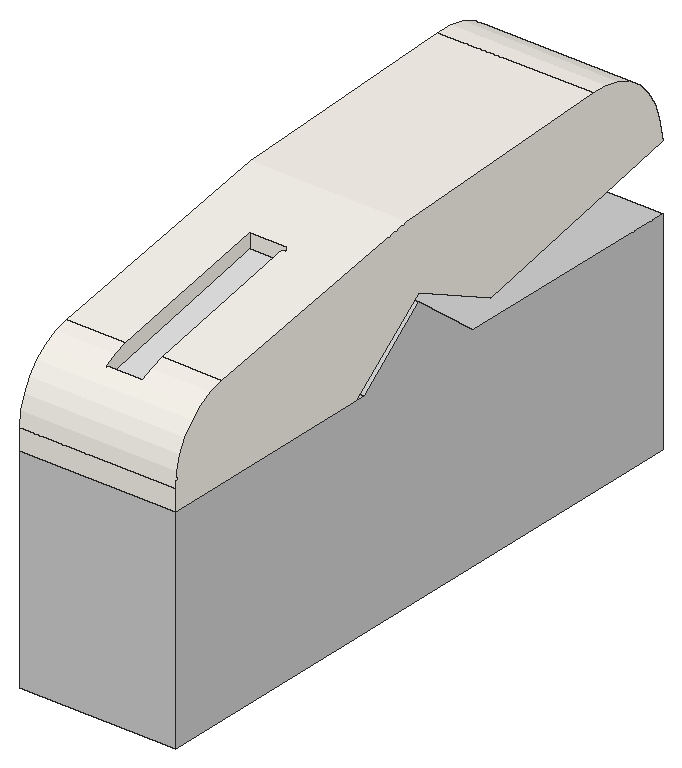
Revit family "Domotics-DomesticRanges-GEWISS-CHORUS_COMMAND-PUSH-BUTTON_05M", category Apparecchi elettrici, host Superficie, Revit 2016
Family settings
  Host = Superficie
  Mantenere orientamento annotazione = Sì
  Tipo di parte = Normale
  Quota connettore circolare = Usa diametro
  Numero OmniClass = 23.80.50.11.14
  Titolo OmniClass = Switches
  Taglio con vuoti quando caricato = Sì
  Condiviso = Sì
  Punto di calcolo locali = Sì
Parameters (values of type "GW14162 - Titanium - Illuminable")
  Wiring terminals = "With screw"
  Voltage: = "250 V ac"
  Voltage = "250 V ac"
  Vista di pianta [instance] = yes
  Version file RFA = "19.0"
  URL = "https://www.gewiss.com/ww/en"
  Type = "Backlit"
  Tipo_ = CHORUS PULSANTI 05M_BASE : GW14162 - Titanio - Illuminabile localizzazione
  Thermo-pressure with ball = "125 °C"
  Terminal tightening capacity rigid cables (mm2) = "min. 0,5 - max. 2x2,5"
  Terminal tightening capacity flexible cables (mm2) = "min. 0,75 - max. 2x4"
  Terminal grip on cable traction = "> 50 N"
  Technical sheet = "https://www.gewiss.com/ww/en/search?q=GW14162"
  Standard; = "EN 60669-1"
  Simbolo_ = SIMBOLO PULSANTI : LUM
  SIMBOLO [instance] = yes
  SEO = "Push button"
  Resistance at test voltage = "2000 V at 50 Hz for 1 minute"
  Realized by GEWISS S.p.A. = ""
  Prolonged operation (no.of position changes) = "40.000 at In 250 V ac cosØ=0,6"
  Produttore = "GEWISS S.p.A."
  Offset pulsante [instance] = 0 mm
  Offset bidimensionale [instance] = 2 mm
  Number of poles = "1P"
  No. Chorus modules = "1/2"
  Modello = "GW14162"
  Larghezza pulsante = 11.5 mm
  Insulation resistance = "> 5 MOhm"
  IFC.TypeObject = ""
  IFC.ExportType = ""
  IFC.ExportAs = ""
  IDT = "7b9cd6d0-4acf-4a4b-bc88-5334f44e4e2c"
  IDF = "75a35bb3-8328-4b3e-a169-8ecd7cf75c9a"
  Glow Wire Test = "850°C"
  Electrocod = "0130"
  EAN code = "8011564266025"
  Distanza_x [instance] = 0 mm
  Distanza_effettiva_x [instance] = 1500 mm - Distanza_x  # 1500 mm
  Default Elevation = 1219.2 mm
  Immagine tipo = GW14162.jpg
  Descrizione = "P-BUTTON 1/2M 1P NO 10A ILL LOC TITANIUM"
  Description: = "1P NO - 10A illuminable"
  Colour = "Titanium"
  Category = "Push-button"
  Catalogue Range = "CHORUS - DOMESTIC RANGE"
  Catalogue = "DOMOTICS"
  COBie.Tagnumber = ""
  COBie.CreatedOn = ""
  COBie.CreatebBy = ""
  COBie.ComponentRegisterItemID = ""
  COBie.Component.TagNumber = ""
  COBie.Component.Space = ""
  COBie.Component.SerialNumber = ""
  COBie.Component.InstallationDate = ""
  COBie.Component.Description = ""
  COBie.Component.BarCode = ""
  Button key = "With diffuser"
  Breaking capacity: = "1.25 In (200 position changes)"
  Bidimensionale = bidimensionale pulsanti 05 : GW10162
Types (6, lengths in mm): name | Type | Tipo_ | Technical sheet | Simbolo_ | Modello | IDT | EAN code | Immagine tipo | Descrizione | Description: | Colour | Button key | Bidimensionale
  GW10161 - White | "General" | CHORUS PULSANTI 05M_BASE : GW10161 - Bianco | "https://www.gewiss.com/ww/en/search?q=GW10161" | SIMBOLO PULSANTI : PULSANTE | "GW10161" | "2aa1f815-4ac2-4735-9d31-de62fdb5c496" | "8011564261020" | GW10161.jpg | "PUSH-BUTTON, 1/2M 1P NO 10A WHITE" | "1P NO - 10A" | "White" | "Neutral" | bidimensionale pulsanti 05 : GW10161
  GW10162 - White - Illuminable | "Backlit" | CHORUS PULSANTI 05M_BASE : GW10162 - Bianco - Illuminabile localizzazione | "https://www.gewiss.com/ww/en/search?q=GW10162" | SIMBOLO PULSANTI : LUM | "GW10162" | "2806a8dd-8cac-4709-bb0c-63986007d292" | "8011564261037" | GW10162.jpg | "PUSH-BUTTON 1/2M 1P NO 10A ILL LOC WHITE" | "1P NO - 10A illuminable" | "White" | "With diffuser" | bidimensionale pulsanti 05 : GW10162
  GW12161 - Black | "General" | CHORUS PULSANTI 05M_BASE : GW12161 - Nero | "https://www.gewiss.com/ww/en/search?q=GW12161" | SIMBOLO PULSANTI : PULSANTE | "GW12161" | "dd6f0b96-4a20-4856-8b9a-60c63957de92" | "8011564269415" | GW12161.jpg | "PUSH-BUTTON 1/2M 1P NO 10A BLACK" | "1P NO - 10A" | "Black" | "Neutral" | bidimensionale pulsanti 05 : GW10161
  GW12162 - Black - Illuminable | "Backlit" | CHORUS PULSANTI 05M_BASE : GW12162 - Nero - Illuminabile localizzazione | "https://www.gewiss.com/ww/en/search?q=GW12162" | SIMBOLO PULSANTI : LUM | "GW12162" | "7c9e7928-b857-41a9-9696-8e438eda7a62" | "8011564269422" | GW12162.jpg | "PUSH-BUTTON 1/2M 1P NO 10A ILL LOC BLACK" | "1P NO - 10A illuminable" | "Black" | "With diffuser" | bidimensionale pulsanti 05 : GW10162
  GW14161 - Titanium | "General" | CHORUS PULSANTI 05M_BASE : GW14161 - Titanio | "https://www.gewiss.com/ww/en/search?q=GW14161" | SIMBOLO PULSANTI : PULSANTE | "GW14161" | "1965e42e-04d6-4940-880f-44167e4a9221" | "8011564266018" | GW14161.jpg | "PUSH-BUTTON 1/2M 1P NO 10A TITANIUM" | "1P NO - 10A" | "Titanium" | "Neutral" | bidimensionale pulsanti 05 : GW10161
  GW14162 - Titanium - Illuminable | "Backlit" | CHORUS PULSANTI 05M_BASE : GW14162 - Titanio - Illuminabile localizzazione | "https://www.gewiss.com/ww/en/search?q=GW14162" | SIMBOLO PULSANTI : LUM | "GW14162" | "7b9cd6d0-4acf-4a4b-bc88-5334f44e4e2c" | "8011564266025" | GW14162.jpg | "P-BUTTON 1/2M 1P NO 10A ILL LOC TITANIUM" | "1P NO - 10A illuminable" | "Titanium" | "With diffuser" | bidimensionale pulsanti 05 : GW10162
Reference planes
  plane 1 "Centro (Fronte/Retro)": y = 0
  plane 2: z = 0
  plane 3 "Centro (Sinistra/Destra)": x = 0
  plane 4: z = 0
  plane 5: x = 0
  plane 6: x = -5.75
  plane 7: x = 5.75
  plane 8: z = 26
  plane 9: x = -1500
  plane 10: z = 28
Lines and regions (mm)
  Masking region 1, visible <- "Vista di pianta"
    outline origin (0, 0, 0) x (1, 0, 0) y (0, 0, 1)
      loop
        line (-5.75, 26) -> (-5.75, 0) -> (5.75, 0) -> (5.75, 26) -> (-5.75, 26)
Dimensions and locks
  "Offset pulsante": plane 4 to host face
  "Distanza_x": plane 5 to plane 3 "Centro (Sinistra/Destra)"
  equal spacing: plane 6, plane 3 "Centro (Sinistra/Destra)", plane 7
  "Larghezza pulsante": plane 6 to plane 7
  locked: plane 8 to plane 4 at 26
  "Distanza_effettiva_x": plane 9 to plane 5
  plane 9 to plane 3 "Centro (Sinistra/Destra)" = 1500 mm
  "Offset bidimensionale": plane 10 to plane 8
  aligned and locked: plane 2 to host face
  aligned and locked: level to host face
  aligned and locked: plane 3 "Centro (Sinistra/Destra)" to nested 2
  aligned and locked: Masking region 1 sketch curve to plane 8
  aligned and locked: plane 6 to Masking region 1 sketch curve
  aligned and locked: plane 4 to Masking region 1 sketch curve
  aligned and locked: Masking region 1 sketch curve to nested 1
  aligned and locked: plane 10 to nested 2  (x2)
  aligned and locked: nested 2 to plane 10  (x2)
Automatic sketch dimensions
  host sketch curve to host sketch curve = 2438.4 mm  (x2)
Nested families
  nested 1: "CHORUS PULSANTI 05M_BASE" at (0, 0, 0), type <- "Tipo_", type "GW14162 - Titanio - Illuminabile localizzazione"
  nested 2: "bidimensionale pulsanti 05" at (0, 0, 28), type <- "Bidimensionale", type "GW10162", detail levels coarse
  nested 3: "SIMBOLO PULSANTI" at (0, 282.482, 0), type <- "Simbolo_", SIMBOLO <- "SIMBOLO", type "LUM"
    with TESTO ELETTRICO "", SIMBOLO yes, Distanza dal muro 1 mm, BORDO ACCESO yes
Connectors
  electrical at (0, 0, 0)
    settings: on nested 1, index 1, voltage 0 V, apparent load 0 VA, apparent load phase1 0 VA, apparent load phase2 0 VA, apparent load phase3 0 VA, power factor 1, load classification "Other", number of poles 1, system type 31, power factor state 1, is connector primary yes, connector utility no, sub classification motor no, connector description ""
Definition of nested family "CHORUS PULSANTI 05M_BASE"
  Parameters (values of type "GW14162 - Titanio - Illuminabile localizzazione")
    Vetrino = none
    Supporto = none
    Pulsante = none
    Profondità suporto = 15.673 mm
    Larghezza pulsante = 11.5 mm
    GW10162 = yes
    GW10161 = no
    Bidimensionale = 36.414 mm
    Altezza pulsante = 45 mm
  Types (6, lengths in mm): name | GW10162 | GW10161
    GW12161 - Nero | no | yes
    GW14161 - Titanio | no | yes
    GW10161 - Bianco | no | yes
    GW10162 - Bianco - Illuminabile localizzazione | yes | no
    GW12162 - Nero - Illuminabile localizzazione | yes | no
    GW14162 - Titanio - Illuminabile localizzazione | yes | no
  Reference planes
    plane 1 "Centro (Fronte/Retro)": y = 0
    plane 2: z = 0
    plane 3 "Centro (Sinistra/Destra)": x = 0
    plane 4: y = -22.5
    plane 5: y = 22.5
    plane 6: x = -5.75
    plane 7: x = 5.75
    plane 8: z = 15.673
    plane 9 "PIANO BIDIMENSIONALE": z = 36.414
    plane 10: y = -20
    plane 11: y = -6.8
  Forms (mm)
    Extrusion 1, solid, material <- "Supporto", detail levels medium+fine
      sketch origin (0, 0, 0) x (0, 1, 0) y (0, 0, 1)
        loop
          line (-22.5, 0) -> (22.5, 0) -> (22.5, 15.673) -> (5, 15.673) -> (0, 19.673) -> (-5, 15.673) -> (-22.5, 15.673) -> (-22.5, 0)
      from -5.75 to 5.75
    Extrusion 2, solid, material <- "Pulsante", visible <- "GW10161", detail levels medium+fine
      sketch origin (0, 0, 0) x (0, 1, 0) y (0, 0, 1)
        loop
          line (-22.5, 15.673) -> (-5.8, 15.673) -> (0, 20.313) -> (6.657, 17.02) -> (22.519, 20.482) -> (22.148, 22.183)
          arc (22.148, 22.183) -> (19.948, 25.458) -> (16.125, 26.433) r 5.53
          arc (16.125, 26.433) -> (-1.159, 25.53) -> (-18.194, 22.47) r 137.99
          arc (-18.194, 22.47) -> (-21.286, 20.607) -> (-22.5, 17.207) r 5.368
          line (-22.5, 17.207) -> (-22.5, 15.673)
      from -5.75 to 5.75
    Extrusion 3, solid, material <- "Pulsante", visible <- "GW10162", detail levels medium+fine
      sketch origin (0, 0, 0) x (0, 1, 0) y (0, 0, 1)
        loop
          line (-22.5, 15.673) -> (-5.8, 15.673) -> (0, 20.313) -> (6.657, 17.02) -> (22.519, 20.482) -> (22.148, 22.183)
          arc (22.148, 22.183) -> (19.948, 25.458) -> (16.125, 26.433) r 5.53
          arc (16.125, 26.433) -> (-1.159, 25.53) -> (-18.194, 22.47) r 137.99
          arc (-18.194, 22.47) -> (-21.286, 20.607) -> (-22.5, 17.207) r 5.368
          line (-22.5, 17.207) -> (-22.5, 15.673)
      from -5.75 to 5.75
    Extrusion 4, void
      sketch origin (0, 0, 0) x (0, 1, 0) y (0, 0, 1)
        loop
          arc (-6.8, 24.76) -> (-12.521, 23.735) -> (-18.194, 22.47) r 137.99
          arc (-18.194, 22.47) -> (-19.13, 22.19) -> (-20, 21.745) r 5.368
          line (-20, 21.745) -> (-20, 19.947)
          arc (-20, 19.947) -> (-13.435, 21.505) -> (-6.8, 22.735) r 135.99
          line (-6.8, 22.735) -> (-6.8, 24.76)
      from -1.35 to 1.35
    Extrusion 5, solid, material <- "Vetrino", visible <- "GW10162", detail levels medium+fine
      sketch origin (0, 0, 0) x (0, 1, 0) y (0, 0, 1)
        loop
          arc (-20, 19.947) -> (-13.435, 21.505) -> (-6.8, 22.735) r 135.99
          line (-6.8, 22.735) -> (-6.8, 23.748)
          arc (-6.8, 23.748) -> (-13.434, 22.527) -> (-20, 20.98) r 136.99
          line (-20, 20.98) -> (-20, 19.947)
      from -1.35 to 1.35
  Cuts and joins
    Extrusion 4 cuts Extrusion 3
  Lines and regions (mm)
    Masking region 1, visible <- "GW10161"
      outline origin (0, 0, 36.414) x (-1, 0, 0) y (0, -1, 0)
        loop
          line (5.75, -22.519) -> (5.75, 22.5) -> (-5.75, 22.5) -> (-5.75, -22.519) -> (5.75, -22.519)
    Masking region 2, visible <- "GW10162"
      outline origin (0, 0, 36.414) x (-1, 0, 0) y (0, -1, 0)
        loop
          line (5.75, -22.519) -> (5.75, 22.5) -> (-5.75, 22.5) -> (-5.75, -22.519) -> (5.75, -22.519)
        loop
          line (1.35, 20) -> (-1.35, 20) -> (-1.35, 6.8) -> (1.35, 6.8) -> (1.35, 20)
    Masking region 3, visible <- "GW10162"
      outline origin (0, 0, 36.414) x (-1, 0, 0) y (0, -1, 0)
        loop
          line (1.35, 6.8) -> (1.35, 20) -> (-1.35, 20) -> (-1.35, 6.8) -> (1.35, 6.8)
  Dimensions and locks
    equal spacing: plane 4, plane 1 "Centro (Fronte/Retro)", plane 5
    plane 4 to plane 5 = 45 mm
    equal spacing: plane 6, plane 3 "Centro (Sinistra/Destra)", plane 7
    "Larghezza pulsante": plane 6 to plane 7
    equal spacing: plane 5, plane 1 "Centro (Fronte/Retro)", plane 4
    "Altezza pulsante": plane 5 to plane 4
    "Profondità suporto": plane 8 to plane 2
    "Bidimensionale": plane 9 "PIANO BIDIMENSIONALE" to level
    aligned and locked: level to plane 2
    aligned and locked: Extrusion 1 sketch curve to plane 4
    aligned and locked: plane 5 to Extrusion 1 sketch curve
    aligned and locked: Extrusion 1 sketch curve to plane 2
    aligned and locked: Extrusion 1 to plane 6
    aligned and locked: plane 7 to Extrusion 1
    aligned and locked: Extrusion 2 to plane 6
    aligned and locked: plane 7 to Extrusion 2
    aligned and locked: Masking region 1 sketch curve to Extrusion 2  (x3)
    aligned and locked: Masking region 1 sketch curve to Extrusion 1
  Automatic sketch dimensions
    plane 8 to Extrusion 1 sketch curve = 0 mm  (x2)
    Extrusion 1 sketch curve to plane 1 "Centro (Fronte/Retro)" = 0 mm
    Extrusion 1 sketch curve to plane 1 "Centro (Fronte/Retro)" = 5 mm
    Extrusion 1 sketch curve to plane 8 = 4 mm
    Extrusion 2 sketch curve to plane 4 = 0 mm
    plane 8 to Extrusion 2 sketch curve = 0 mm
    Extrusion 2 sketch curve to plane 1 "Centro (Fronte/Retro)" = 0 mm
    Extrusion 2 sketch curve to plane 8 = 1.535 mm
    Extrusion 2 sketch curve to plane 8 = 1.347 mm
    Extrusion 2 sketch curve to plane 1 "Centro (Fronte/Retro)" = 6.657 mm
    Extrusion 2 sketch curve to plane 5 = 7.827 mm
    Extrusion 2 sketch curve to plane 5 = 5.74 mm
    Extrusion 2 sketch curve to plane 5 = 0.352 mm
    plane 5 to Extrusion 2 sketch curve = 0.019 mm
    Extrusion 2 sketch curve to level = 111.549 mm
    Extrusion 2 sketch curve to plane 8 = 4.64 mm
    Extrusion 2 sketch curve to plane 8 = 4.81 mm
    Extrusion 2 sketch curve to Extrusion 2 sketch curve = 1.243 mm
    plane 1 "Centro (Fronte/Retro)" to Extrusion 1 sketch curve = 5 mm
    Extrusion 2 sketch curve to Extrusion 2 sketch curve = 5.368 mm
    plane 1 "Centro (Fronte/Retro)" to Extrusion 2 sketch curve = 5.8 mm
    plane 4 to Extrusion 2 sketch curve = 4.306 mm
    Extrusion 3 sketch curve to plane 4 = 0 mm
    plane 8 to Extrusion 3 sketch curve = 0 mm
    Extrusion 3 sketch curve to plane 1 "Centro (Fronte/Retro)" = 0 mm
    Extrusion 3 sketch curve to plane 8 = 1.535 mm
    Extrusion 3 sketch curve to Extrusion 3 sketch curve = 5.368 mm
    plane 1 "Centro (Fronte/Retro)" to Extrusion 3 sketch curve = 5.8 mm
    Extrusion 3 sketch curve to plane 8 = 1.347 mm
    Extrusion 3 sketch curve to plane 1 "Centro (Fronte/Retro)" = 6.657 mm
    Extrusion 3 sketch curve to plane 5 = 7.827 mm
    Extrusion 3 sketch curve to plane 5 = 5.74 mm
    Extrusion 3 sketch curve to plane 5 = 0.352 mm
    plane 5 to Extrusion 3 sketch curve = 0.019 mm
    Extrusion 3 sketch curve to level = 111.549 mm
    Extrusion 3 sketch curve to plane 8 = 4.64 mm
    Extrusion 3 sketch curve to plane 8 = 4.81 mm
    Extrusion 3 sketch curve to Extrusion 3 sketch curve = 1.243 mm
    plane 4 to Extrusion 3 sketch curve = 4.306 mm
    Extrusion 4 sketch curve to plane 10 = 0 mm
    Extrusion 4 sketch curve to plane 11 = 0 mm
    Extrusion 4 sketch curve to plane 8 = 1.535 mm
    Extrusion 4 sketch curve to plane 10 = 2.868 mm
    Extrusion 4 sketch curve to plane 10 = 1.806 mm
    Extrusion 4 sketch curve to Extrusion 4 sketch curve = 1.799 mm
    Extrusion 4 sketch curve to Extrusion 4 sketch curve = 2.025 mm
    Extrusion 4 sketch curve to plane 5 = 7.827 mm
    Extrusion 4 sketch curve to Extrusion 4 sketch curve = 0 mm  (x2)
    Extrusion 4 sketch curve to Extrusion 4 sketch curve = 2.739 mm
    Extrusion 5 sketch curve to plane 10 = 0 mm
    Extrusion 5 sketch curve to plane 5 = 7.827 mm
    Extrusion 5 sketch curve to plane 8 = 4.274 mm
    Extrusion 5 sketch curve to Extrusion 5 sketch curve = 1.034 mm
    Extrusion 5 sketch curve to Extrusion 5 sketch curve = 1.013 mm
    Extrusion 5 sketch curve to Extrusion 5 sketch curve = 0 mm  (x2)
    plane 11 to Extrusion 5 sketch curve = 0 mm
    Masking region 2 sketch curve to plane 7 = 0 mm
    plane 11 to Masking region 2 sketch curve = 0 mm
    plane 10 to Masking region 2 sketch curve = 0 mm
    Masking region 2 sketch curve to plane 6 = 0 mm
    Masking region 2 sketch curve to plane 4 = 0 mm
    plane 3 "Centro (Sinistra/Destra)" to Masking region 2 sketch curve = 1.35 mm
    Masking region 2 sketch curve to plane 3 "Centro (Sinistra/Destra)" = 1.35 mm
    plane 5 to Masking region 2 sketch curve = 0.019 mm
    plane 11 to Masking region 3 sketch curve = 0 mm
    plane 10 to Masking region 3 sketch curve = 0 mm
    plane 3 "Centro (Sinistra/Destra)" to Masking region 3 sketch curve = 1.35 mm
    Masking region 3 sketch curve to plane 3 "Centro (Sinistra/Destra)" = 1.35 mm
Definition of nested family "bidimensionale pulsanti 05"
  Parameters (values of type "GW10162")
    GW10162 = yes
    GW10161 = no
  Types (2, lengths in mm): name | GW10162 | GW10161
    GW10161 | no | yes
    GW10162 | yes | no
  Reference planes
    plane 1 "Centro (Fronte/Retro)": y = 0
    plane 2: z = 0
    plane 3 "Centro (Sinistra/Destra)": x = 0
    plane 4: y = 22.5
    plane 5: y = -22.5
    plane 6: x = -5.75
    plane 7: x = 5.75
    plane 8: x = -1.35
    plane 9: x = 1.35
  Lines and regions (mm)
    model lines, visible <- "GW10161"
      curve 1: line (-5.75, -22.5, 0) -> (-5.75, 22.5, 0)
      curve 2: line (5.75, -22.5, 0) -> (-5.75, -22.5, 0)
      curve 3: line (5.75, 22.5, 0) -> (5.75, -22.5, 0)
      curve 4: line (-5.75, 22.5, 0) -> (5.75, 22.5, 0)
    model lines, visible <- "GW10161", not visible
      curve 5: line (-5.8, -22.5, 0) -> (-5.8, 22.5, 0)
      curve 6: line (5.8, -22.5, 0) -> (-5.8, -22.5, 0)
      curve 7: line (5.8, 22.5, 0) -> (5.8, -22.5, 0)
      curve 8: line (-5.8, 22.5, 0) -> (5.8, 22.5, 0)
    model lines, visible <- "GW10162"
      curve 9: line (-5.75, 22.5, 0) -> (5.75, 22.5, 0)
      curve 10: line (-5.75, -22.5, 0) -> (-5.75, 22.5, 0)
      curve 11: line (5.75, -22.5, 0) -> (-5.75, -22.5, 0)
      curve 12: line (5.75, 22.5, 0) -> (5.75, -22.5, 0)
      curve 13: line (1.35, -20, 0) -> (-1.35, -20, 0)
      curve 14: line (1.35, -6.8, 0) -> (1.35, -20, 0)
      curve 15: line (-1.35, -6.8, 0) -> (1.35, -6.8, 0)
      curve 16: line (-1.35, -20, 0) -> (-1.35, -6.8, 0)
    model lines, visible <- "GW10162", not visible
      curve 17: line (-5.8, 22.5, 0) -> (5.8, 22.5, 0)
      curve 18: line (-5.8, -22.5, 0) -> (-5.8, 22.5, 0)
      curve 19: line (5.8, -22.5, 0) -> (-5.8, -22.5, 0)
      curve 20: line (5.8, 22.5, 0) -> (5.8, -22.5, 0)
      curve 21: line (1.35, -20, 0) -> (-1.35, -20, 0)
      curve 22: line (1.35, -6.8, 0) -> (1.35, -20, 0)
      curve 23: line (-1.35, -6.8, 0) -> (1.35, -6.8, 0)
      curve 24: line (-1.35, -20, 0) -> (-1.35, -6.8, 0)
  Dimensions and locks
    equal spacing: plane 4, plane 1 "Centro (Fronte/Retro)", plane 5
    equal spacing: plane 6, plane 3 "Centro (Sinistra/Destra)", plane 7
    plane 6 to plane 7 = 11.5 mm
    equal spacing: plane 8, plane 3 "Centro (Sinistra/Destra)", plane 9
    aligned and locked: level to plane 2
    aligned and locked: plane 6 to curve 10
    aligned and locked: curve 12 to plane 7
  Automatic sketch dimensions
    curve 12 to plane 5 = 0 mm
    curve 10 to plane 4 = 0 mm
    curve 16 to plane 3 "Centro (Sinistra/Destra)" = 1.35 mm
    plane 3 "Centro (Sinistra/Destra)" to curve 15 = 1.35 mm
    plane 5 to curve 13 = 2.5 mm
    plane 1 "Centro (Fronte/Retro)" to curve 15 = 6.8 mm
Definition of nested family "SIMBOLO PULSANTI"
  Parameters (values of type "PULSANTE")
    TESTO ELETTRICO [instance] = ""
    Simbolo = SIMBOLO PULSANTI_BASE : PULSANTE
    SIMBOLO [instance] = yes
    Distanza dal muro [instance] = 4.208 mm
    BORDO ACCESO [instance] = yes
  Types (8, lengths in mm): name | TESTO ELETTRICO | Simbolo
    PULSANTE | "" | SIMBOLO PULSANTI_BASE : PULSANTE
    PULSTIRANTE | "" | SIMBOLO PULSANTI_BASE : PULSTIRANTE
    PULSCHIAVE | "" | SIMBOLO PULSANTI_BASE : PULSCHIAVE
    TARGA | "" | SIMBOLO PULSANTI_BASE : TARGA
    RRNC | "A" | SIMBOLO PULSANTI_BASE : RRNC
    MARNO | "M" | SIMBOLO PULSANTI_BASE : MARNO
    LUM | "" | SIMBOLO PULSANTI_BASE : LUM
    DOPPIO | "" | SIMBOLO PULSANTI_BASE : DOPPIO
  Reference planes
    plane 1: y = 0
    plane 2: x = 0
  Lines and regions (mm)
    detail lines, visible <- "BORDO ACCESO", not visible
      curve 1: line (-2.25, 0.412, 0) -> (2.25, 0.412, 0)
      curve 2: line (2.25, 0.412, 0) -> (2.25, -5.588, 0)
      curve 3: line (2.25, -5.588, 0) -> (-2.25, -5.588, 0)
      curve 4: line (-2.25, -5.588, 0) -> (-2.25, 0.412, 0)
      curve 30: line (-1.85, 0.012, 0) -> (1.85, 0.012, 0)
      curve 31: line (1.85, 0.012, 0) -> (1.85, -5.188, 0)
      curve 32: line (1.85, -5.188, 0) -> (-1.85, -5.188, 0)
      curve 33: line (-1.85, -5.188, 0) -> (-1.85, 0.012, 0)
      curve 34: line (-2.25, 6, 0) -> (2.25, 6, 0)
      curve 35: line (2.25, 6, 0) -> (2.25, 0, 0)
      curve 36: line (2.25, 0, 0) -> (-2.25, 0, 0)
      curve 37: line (-2.25, 0, 0) -> (-2.25, 6, 0)
      curve 61: line (-1.85, 5.6, 0) -> (1.85, 5.6, 0)
      curve 62: line (1.85, 5.6, 0) -> (1.85, 0.4, 0)
      curve 63: line (1.85, 0.4, 0) -> (-1.85, 0.4, 0)
      curve 64: line (-1.85, 0.4, 0) -> (-1.85, 5.6, 0)
      curve 65: line (-2.443, 10.208, 0) -> (2.057, 10.208, 0)
      curve 66: line (2.057, 10.208, 0) -> (2.057, 4.208, 0)
      curve 67: line (2.057, 4.208, 0) -> (-2.443, 4.208, 0)
      curve 68: line (-2.443, 4.208, 0) -> (-2.443, 10.208, 0)
      curve 69: line (-2.043, 9.808, 0) -> (1.657, 9.808, 0)
      curve 70: line (1.657, 9.808, 0) -> (1.657, 4.608, 0)
      curve 71: line (1.657, 4.608, 0) -> (-2.043, 4.608, 0)
      curve 72: line (-2.043, 4.608, 0) -> (-2.043, 9.808, 0)
    detail lines, not visible
      curve 5: line (-9.473, -5.588, 0) -> (10.527, -5.588, 0)
      curve 6: circle (-0.56, -0.487, 0) r 0.969 normal (0, 0, 1)
      curve 7: line (-0.005, 0.306, 0) -> (0.852, 1.529, 0)
      curve 8: line (0.852, 1.529, 0) -> (1.529, 1.047, 0)
      curve 9: circle (-0.56, -315.487, 0) r 0.969 normal (0, 0, 1)
      curve 10: line (-0.005, -314.694, 0) -> (0.852, -313.471, 0)
      curve 11: line (0.852, -313.471, 0) -> (1.529, -313.953, 0)
      curve 12: line (-1.245, -314.803, 0) -> (0.124, -316.172, 0)
      curve 13: line (0.124, -314.803, 0) -> (-1.245, -316.172, 0)
      curve 14: circle (-0.56, -480.487, 0) r 0.969 normal (0, 0, 1)
      curve 15: line (-0.005, -479.694, 0) -> (0.852, -478.471, 0)
      curve 16: line (0.852, -478.471, 0) -> (1.529, -478.953, 0)
      curve 17: line (0.493, -478.983, 0) -> (1.167, -479.462, 0)
      curve 18: circle (-0.56, -880.487, 0) r 0.969 normal (0, 0, 1)
      curve 19: line (-0.005, -879.694, 0) -> (0.852, -878.471, 0)
      curve 20: line (0.852, -878.471, 0) -> (1.529, -878.953, 0)
      curve 21: line (-1.245, -879.803, 0) -> (0.124, -881.172, 0)
      curve 22: line (0.124, -879.803, 0) -> (-1.245, -881.172, 0)
      curve 23: line (0.493, -878.983, 0) -> (1.167, -879.462, 0)
      curve 24: circle (-0.56, -365.487, 0) r 0.969 normal (0, 0, 1)
      curve 25: line (-0.005, -364.694, 0) -> (0.852, -363.471, 0)
      curve 26: line (0.852, -363.471, 0) -> (1.529, -363.953, 0)
      curve 27: line (-0.56, -364.925, 0) -> (-0.56, -366.05, 0)
      curve 28: line (0.493, -363.983, 0) -> (1.167, -364.462, 0)
      curve 29: line (0, 3.621, 0) -> (0, -16.379, 0)
      curve 38: circle (-0.56, 2.417, 0) r 0.969 normal (0, 0, 1)
      curve 39: line (-0.005, 3.21, 0) -> (0.852, 4.433, 0)
      curve 40: line (0.852, 4.433, 0) -> (1.529, 3.951, 0)
      curve 41: circle (-0.56, 2.417, 0) r 0.969 normal (0, 0, 1)
      curve 42: line (-0.005, 3.21, 0) -> (0.852, 4.433, 0)
      curve 43: line (0.852, 4.433, 0) -> (1.529, 3.951, 0)
      curve 44: line (-1.245, 3.102, 0) -> (0.124, 1.732, 0)
      curve 45: line (0.124, 3.102, 0) -> (-1.245, 1.732, 0)
      curve 46: circle (-0.56, 2.417, 0) r 0.969 normal (0, 0, 1)
      curve 47: line (-0.005, 3.21, 0) -> (0.852, 4.433, 0)
      curve 48: line (0.852, 4.433, 0) -> (1.529, 3.951, 0)
      curve 49: circle (-0.56, 2.417, 0) r 0.969 normal (0, 0, 1)
      curve 50: line (-0.005, 3.21, 0) -> (0.852, 4.433, 0)
      curve 51: line (0.852, 4.433, 0) -> (1.529, 3.951, 0)
      curve 52: line (-1.245, 3.102, 0) -> (0.124, 1.732, 0)
      curve 53: line (0.124, 3.102, 0) -> (-1.245, 1.732, 0)
      curve 54: line (0.493, 3.921, 0) -> (1.167, 3.442, 0)
      curve 55: line (0.493, 3.921, 0) -> (1.167, 3.442, 0)
      curve 56: circle (-0.56, 2.417, 0) r 0.969 normal (0, 0, 1)
      curve 57: line (-0.005, 3.21, 0) -> (0.852, 4.433, 0)
      curve 58: line (0.852, 4.433, 0) -> (1.529, 3.951, 0)
      curve 59: line (-0.56, 2.979, 0) -> (-0.56, 1.854, 0)
      curve 60: line (0.493, 3.921, 0) -> (1.167, 3.442, 0)
      curve 73: line (-1.644, 2.848, 0) -> (1.644, 2.848, 0)
      curve 74: line (-1.644, 0.61, 0) -> (-1.644, 2.848, 0)
      curve 75: line (1.644, 0.61, 0) -> (-1.644, 0.61, 0)
      curve 76: line (1.644, 2.848, 0) -> (1.644, 0.61, 0)
      curve 77: line (-1.325, 0.987, 0) -> (1.325, 0.987, 0)
      curve 78: circle (0, 1.912, 0) r 0.5 normal (0, 0, 1)
      curve 79: circle (0, 1.912, 0) r 0.8 normal (0, 0, 1)
      curve 80: line (-1.325, 0.987, 0) -> (1.325, 0.987, 0)
      curve 81: line (-0.354, 2.265, 0) -> (0.354, 1.558, 0)
      curve 82: line (0.354, 2.265, 0) -> (-0.354, 1.558, 0)
  Dimensions and locks
    "Distanza dal muro": plane 1 to nested 1
    aligned and locked: curve 5 to curve 3
    aligned and locked: plane 2 to nested 1
  Nested families
    nested 1: "SIMBOLO PULSANTI_BASE" at (0, 4.208, 0), BORDO ACCESO <- "BORDO ACCESO", type <- "Simbolo", TESTO ELETTRICO <- "TESTO ELETTRICO", visible <- "SIMBOLO", type "PULSANTE"
      with TESTO ELETTRICO "", BORDO ACCESO yes
  Definition of nested family "SIMBOLO PULSANTI_BASE"
    Parameters (values of type "RRNC")
      TEXT = yes
      TESTO ELETTRICO [instance] = ""
      TARGA = no
      PULSANTECHIAVE = no
      PULSTIRANTE = no
      PULSANTE = yes
      LUM = no
      DOPPIO = no
      BORDO ACCESO [instance] = yes
    Types (8, lengths in mm): name | TEXT | TARGA | PULSANTECHIAVE | PULSTIRANTE | PULSANTE | LUM | DOPPIO
      PULSANTE | no | no | no | no | yes | no | no
      PULSTIRANTE | no | no | no | yes | yes | no | no
      PULSCHIAVE | no | no | yes | no | yes | no | no
      TARGA | no | yes | no | no | no | no | no
      RRNC | yes | no | no | no | yes | no | no
      MARNO | yes | no | no | no | yes | no | no
      LUM | no | no | no | no | no | yes | no
      DOPPIO | no | no | no | no | no | no | yes
    Reference planes
      plane 1: y = 0
      plane 2: x = 0
    Lines and regions (mm)
      detail lines, visible <- "PULSANTE"
        curve 1: circle (0, 1.258, 0) r 0.527 normal (0, 0, 1)
        curve 11: circle (0, 1.258, 0) r 0.394 normal (0, 0, 1)
      detail lines, visible <- "BORDO ACCESO", not visible
        curve 2: line (-1.943, 9.208, 0) -> (1.857, 9.208, 0)
        curve 3: line (1.857, 9.208, 0) -> (1.857, 4.208, 0)
        curve 4: line (1.857, 4.208, 0) -> (-1.943, 4.208, 0)
        curve 5: line (-1.943, 4.208, 0) -> (-1.943, 9.208, 0)
        curve 6: line (-1.743, 9.008, 0) -> (1.657, 9.008, 0)
        curve 7: line (1.657, 9.008, 0) -> (1.657, 4.408, 0)
        curve 8: line (1.657, 4.408, 0) -> (-1.743, 4.408, 0)
        curve 9: line (-1.743, 4.408, 0) -> (-1.743, 9.008, 0)
      detail lines, visible <- "PULSANTECHIAVE"
        curve 10: line (0, 1.559, 0) -> (0, 0.929, 0)
      detail lines, visible <- "PULSTIRANTE"
        curve 12: line (0, 0.732, 0) -> (0, 0.441, 0)
        curve 13: line (-0.162, 0.441, 0) -> (0.162, 0.441, 0)
        curve 14: line (-0.162, 0.441, 0) -> (0, 0.16, 0)
        curve 15: line (0, 0.16, 0) -> (0.162, 0.441, 0)
      detail lines, visible <- "TARGA"
        curve 16: line (-0.866, 1.843, 0) -> (0.866, 1.843, 0)
        curve 17: line (-0.866, 0.665, 0) -> (-0.866, 1.843, 0)
        curve 18: line (0.866, 0.665, 0) -> (-0.866, 0.665, 0)
        curve 19: line (0.866, 1.843, 0) -> (0.866, 0.665, 0)
        curve 20: line (-0.698, 0.863, 0) -> (0.698, 0.863, 0)
        curve 21: circle (0, 1.35, 0) r 0.263 normal (0, 0, 1)
        curve 22: circle (0, 1.35, 0) r 0.421 normal (0, 0, 1)
        curve 23: line (-0.698, 0.863, 0) -> (0.698, 0.863, 0)
        curve 24: line (-0.186, 1.536, 0) -> (0.186, 1.164, 0)
        curve 25: line (0.186, 1.536, 0) -> (-0.186, 1.164, 0)
      detail lines, visible <- "TARGA", not visible
        curve 26: line (-1.644, 2.848, 0) -> (1.644, 2.848, 0)
        curve 27: line (-1.644, 0.61, 0) -> (-1.644, 2.848, 0)
        curve 28: line (1.644, 0.61, 0) -> (-1.644, 0.61, 0)
        curve 29: line (1.644, 2.848, 0) -> (1.644, 0.61, 0)
        curve 30: line (-1.325, 0.987, 0) -> (1.325, 0.987, 0)
        curve 31: circle (0, 1.912, 0) r 0.5 normal (0, 0, 1)
        curve 32: circle (0, 1.912, 0) r 0.8 normal (0, 0, 1)
        curve 33: line (-1.325, 0.987, 0) -> (1.325, 0.987, 0)
        curve 34: line (-0.354, 2.265, 0) -> (0.354, 1.558, 0)
        curve 35: line (0.354, 2.265, 0) -> (-0.354, 1.558, 0)
        curve 59: line (-0.866, 3.093, 0) -> (0.866, 3.093, 0)
        curve 60: line (-0.866, 1.915, 0) -> (-0.866, 3.093, 0)
        curve 61: line (0.866, 1.915, 0) -> (-0.866, 1.915, 0)
        curve 62: line (0.866, 3.093, 0) -> (0.866, 1.915, 0)
        curve 63: line (-0.698, 2.113, 0) -> (0.698, 2.113, 0)
        curve 64: circle (0, 2.6, 0) r 0.263 normal (0, 0, 1)
        curve 65: circle (0, 2.6, 0) r 0.421 normal (0, 0, 1)
        curve 66: line (-0.698, 2.113, 0) -> (0.698, 2.113, 0)
        curve 67: line (-0.186, 2.786, 0) -> (0.186, 2.414, 0)
        curve 68: line (0.186, 2.786, 0) -> (-0.186, 2.414, 0)
      detail lines, visible <- "LUM"
        curve 36: circle (0, 1.258, 0) r 0.527 normal (0, 0, 1)
        curve 37: circle (0, 1.258, 0) r 0.394 normal (0, 0, 1)
        curve 38: line (0.279, 0.979, 0) -> (-0.279, 1.537, 0)
        curve 39: line (-0.279, 0.979, 0) -> (0.279, 1.537, 0)
      detail lines, visible <- "LUM", not visible
        curve 40: circle (0, -4.588, 0) r 1 normal (0, 0, 1)
        curve 41: circle (0, -4.588, 0) r 0.749 normal (0, 0, 1)
        curve 42: line (0.53, -5.117, 0) -> (-0.53, -4.058, 0)
        curve 43: line (-0.53, -5.117, 0) -> (0.53, -4.058, 0)
        curve 69: circle (0, 2.508, 0) r 0.527 normal (0, 0, 1)
        curve 70: circle (0, 2.508, 0) r 0.394 normal (0, 0, 1)
        curve 71: line (0.279, 2.229, 0) -> (-0.279, 2.787, 0)
        curve 72: line (-0.279, 2.229, 0) -> (0.279, 2.787, 0)
      detail lines, visible <- "DOPPIO"
        curve 44: circle (0, 1.785, 0) r 0.527 normal (0, 0, 1)
        curve 45: circle (0, 1.785, 0) r 0.394 normal (0, 0, 1)
        curve 46: circle (0, 0.732, 0) r 0.527 normal (0, 0, 1)
        curve 47: circle (0, 0.732, 0) r 0.394 normal (0, 0, 1)
      detail lines, visible <- "DOPPIO", not visible
        curve 48: circle (0, -6.992, 0) r 1 normal (0, 0, 1)
        curve 49: circle (0, -6.992, 0) r 0.749 normal (0, 0, 1)
        curve 50: circle (0, -8.992, 0) r 1 normal (0, 0, 1)
        curve 51: circle (0, -8.992, 0) r 0.749 normal (0, 0, 1)
        curve 73: circle (0, 3.035, 0) r 0.527 normal (0, 0, 1)
        curve 74: circle (0, 3.035, 0) r 0.394 normal (0, 0, 1)
        curve 75: circle (0, 1.982, 0) r 0.527 normal (0, 0, 1)
        curve 76: circle (0, 1.982, 0) r 0.394 normal (0, 0, 1)
      detail lines, visible <- "PULSANTE", not visible
        curve 52: circle (0, 2.508, 0) r 0.527 normal (0, 0, 1)
        curve 54: circle (0, 2.508, 0) r 0.394 normal (0, 0, 1)
      detail lines, visible <- "PULSANTECHIAVE", not visible
        curve 53: line (0, 2.809, 0) -> (0, 2.179, 0)
      detail lines, visible <- "PULSTIRANTE", not visible
        curve 55: line (0, 1.982, 0) -> (0, 1.691, 0)
        curve 56: line (-0.162, 1.691, 0) -> (0.162, 1.691, 0)
        curve 57: line (-0.162, 1.691, 0) -> (0, 1.41, 0)
        curve 58: line (0, 1.41, 0) -> (0.162, 1.691, 0)
    Text (mm)
      label "TXT" at (0.016, 1.223, 0), shows "TESTO ELETTRICO", visible <- "TEXT"
      label "TXT" at (0.016, 2.473, 0), shows "TESTO ELETTRICO", visible <- "TEXT", not visible
